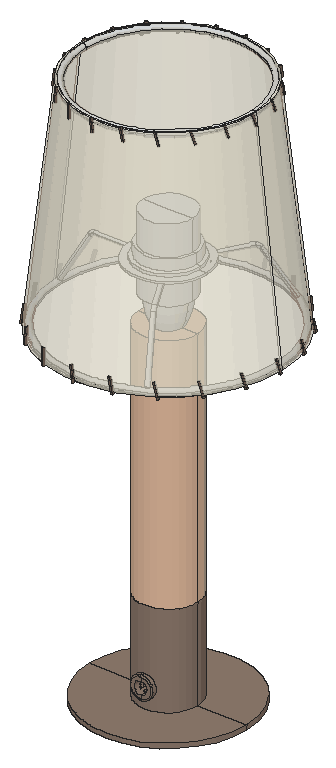
Revit family "Indoor_Table Lamp_Santa&Cole_Básica Mínima", category Luminarias, Revit 2018
Family settings
  Cota de conector redondo = Diámetro de uso
  Tipo de pieza = Normal
  Número OmniClass = 23.80.70.00
  Título OmniClass = Lighting
  Se basa en plano de trabajo = No
  Siempre vertical = Sí
  Corte con vacíos al cargar = No
  Origen de luz = Sí
  Compartido = No
  Punto de cálculo de habitación = No
Parameters (values of type "Beige Parchment lampshade and bronze base")
  Visibility_Beige Parchment = yes
  Wattage = 6 W
  Technical Information = "https://www.santacole.com/recursos/productos/downloads/pdf_espec_tecnicas/SC_BasicaMinima_data%20sheet.pdf"
  built-in parameter 1150110 = 1 (stored number, unit not read)
  URL = "https://www.santacole.com/en/catalogue/table-lamps/basica-minima"
  Manufacturer website = "http://www.santacole.com"
  built-in parameter 1114217 = 1 (stored number, unit not read)
  built-in parameter 1150109 = 1 (stored number, unit not read)
  Energy Label = "https://www.santacole.com/recursos/productos/downloads/pdf_energy_label/Energy%20Label_BASICA_MINIMA_without_bulb.pdf"
  Designed by = "Santiago Roqueta, Santa & Cole Team. 1994"
  Contact phone = "+34.938.619.100"
  Contact e-mail = "info@santacole.com"
  built-in parameter 1150134 = (empty or 0)
  built-in parameter 1150113 = 1 (stored number, unit not read)
  Modelo = "Básica Mínima"
  Fabricante = "Santa & Cole"
  Lumens = 891.252 lm
  built-in parameter 1150115 = 1 (stored number, unit not read)
  built-in parameter 1150105 = 70.924 (stored number, unit not read)
  Load = 6 W
  Tamaño de símbolo de origen de luz = 50 mm
  built-in parameter 1150137 = (empty or 0)
  built-in parameter 1150139 = (empty or 0)
  built-in parameter 1150112 = 1 (stored number, unit not read)
  built-in parameter 1150114 = 1 (stored number, unit not read)
  Lamp = ""
  built-in parameter 1150132 = (empty or 0)
  built-in parameter 1150102 = (empty or 0)
  built-in parameter 1150138 = (empty or 0)
  built-in parameter 1150107 = 2700 (stored number, unit not read)
  built-in parameter 1150106 = 0.70924 (stored number, unit not read)
  built-in parameter 1150104 = 13.8 (stored number, unit not read)
  Code = "BAM01/BAM12"
  Dimming Lamp Color Temperature Shift = (empty or 0)
  Color Filter = 16777215
  built-in parameter 1114218 = 1 (stored number, unit not read)
  Base Material = Santa & Cole - Bronze
  Assembly instructions - UL = "https://www.santacole.com/recursos/productos/downloads/pdf_montaje/BasicaMinima_im_UL.pdf"
  Assembly instructions - CE = "https://www.santacole.com/recursos/productos/downloads/pdf_montaje/basica_minima_im.pdf"
  built-in parameter 1150133 = 10 (stored number, unit not read)
  Apparent Load = 6 VA
Types (2, lengths in mm): name | Visibility_Beige Parchment | Base Material
  Beige Parchment lampshade and bronze base | yes | Santa & Cole - Bronze
  Natural ribbon lampshade and nickel base | no | Santa & Cole - Nickel
Reference planes
  plane 1 "Light Source Axis (F/B)": y = 0
  plane 2: z = 0
  plane 3 "Light Source Axis (L/R)": x = 0
  plane 4 "Light Source Elevation": z = 250
  plane 5: through (-85.313, 126.733, 1200) normal (-0.5584, 0.8296, 0)
  plane 6: through (85.313, -126.733, 1200) normal (0.5584, -0.8296, 0)
  plane 7 "cosido": z = 292.55
Forms (mm)
  Revolve 1, solid, material "Santa & Cole - Birch Wood"
    sketch origin (0, 0, 0) x (1, 0, 0) y (0, 0, 1)
      loop
        line (-16, 182.5) -> (-16, 52.5) -> (0, 52.5) -> (0, 182.5) -> (-16, 182.5)
      axis (0, 52.5) -> (0, 182.5)
    angle from 0 to 360
  Revolve 2, solid
    sketch origin (0, 0, 0) x (1, 0, 0) y (0, 0, 1)
      loop
        line (-17, 211.5) -> (-13.3, 211.5) -> (-13.3, 197.5) -> (-10.9, 196.5)
        arc (-10.9, 196.5) -> (-10.174, 189.279) -> (-7.585, 182.5) r 27.51
        line (-7.585, 182.5) -> (0, 182.5) -> (0, 237.5) -> (-13.4, 237.5) -> (-13.4, 221.505) -> (-15.25, 221.505) -> (-15.25, 216.005) -> (-17, 215.3) -> (-17, 214) -> (-21, 214) -> (-21, 213) -> (-18, 213)
        arc (-18, 213) -> (-17.901, 211.982) -> (-17, 211.5) r 1.083
      axis (0, 182.5) -> (0, 237.5)
    angle from 0 to 360
  Revolve 3, solid
    sketch origin (0, 0, 0) x (1, 0, 0) y (0, 0, 1)
      loop
        circle (-59.1, 181.989) r 1.5
      loop
        circle (-45.95, 299.489) r 1.5
      axis (0, 181.989) -> (0, 299.489)
    angle from 0 to 360
  Sweep 4, solid
    path origin (0, 0, 0) x (1, 0, 0) y (0, 0, 1)
      loop
        line (-19.681, 210.982) -> (-39.401, 210.982)
        arc (-39.401, 210.982) -> (-40.249, 210.761) -> (-40.882, 210.156) r 1.74
        line (-40.882, 210.156) -> (-57.702, 182.889)
    profile origin (-49.292, 0, 196.522) x (0.851097, 0, -0.525009) y (0, -1, 0)
      loop
        circle (-1, 0) r 1
  Sweep 5, solid
    path origin (0, 0, 0) x (-0.5, 0.866025, 0) y (0, 0, 1)
      loop
        line (-19.681, 210.982) -> (-39.401, 210.982)
        arc (-39.401, 210.982) -> (-40.249, 210.761) -> (-40.882, 210.156) r 1.74
        line (-40.882, 210.156) -> (-57.702, 182.889)
    profile origin (24.646, -42.688, 196.522) x (-0.425548, 0.737072, -0.525009) y (0.866025, 0.5, 0)
      loop
        circle (-1, 0) r 1
  Sweep 6, solid
    path origin (0, 0, 0) x (-0.5, -0.866025, 0) y (0, 0, 1)
      loop
        line (-19.681, 210.982) -> (-39.401, 210.982)
        arc (-39.401, 210.982) -> (-40.249, 210.761) -> (-40.882, 210.156) r 1.74
        line (-40.882, 210.156) -> (-57.702, 182.889)
    profile origin (24.646, 42.688, 196.522) x (-0.425548, -0.737072, -0.525009) y (-0.866025, 0.5, 0)
      loop
        circle (-1, 0) r 1
  Revolve 7, solid, material "Santa & Cole - Beige Cardboard"
    sketch origin (0, 0, 0) x (1, 0, 0) y (0, 0, 1)
      loop
        line (-48, 300.989) -> (-61.75, 180.489) -> (-60.75, 180.489) -> (-47, 300.989) -> (-48, 300.989)
      axis (0, 180.489) -> (0, 300.989)
    angle from 0 to 360
  Blend 8, solid, material "Santa & Cole - Leather", visible <- "Visibility_Beige Parchment"
    base sketch origin (0, 0, 292.55) x (-0.999048, 0.043619, 0) y (-0.043619, -0.999048, 0)
      loop
        line (-49.485, 0) -> (-49.485, -0.9) -> (-48.561, -0.9) -> (-48.561, 0) -> (-49.485, 0)
    top sketch origin (0, 0, 292.55) x (-0.999048, 0.043619, 0) y (-0.043619, -0.999048, 0)
      loop
        line (-47.638, 0.875) -> (-47.638, 1.775) -> (-48.561, 1.775) -> (-48.561, 0.875) -> (-47.638, 0.875)
    from 2.683 to 8.942
  Blend 9, solid, material "Santa & Cole - Leather", visible <- "Visibility_Beige Parchment"
    base sketch origin (13.113, 0, 292.55) x (-0.999048, 0.043619, 0) y (-0.043619, -0.999048, 0)
      loop
        line (-49.485, 0) -> (-49.485, -0.9) -> (-48.561, -0.9) -> (-48.561, 0) -> (-49.485, 0)
    top sketch origin (13.113, 0, 292.55) x (-0.999048, 0.043619, 0) y (-0.043619, -0.999048, 0)
      loop
        line (-47.638, 0.875) -> (-47.638, 1.775) -> (-48.561, 1.775) -> (-48.561, 0.875) -> (-47.638, 0.875)
    from -112.484 to -105.022
  Blend 10, solid, material "Santa & Cole - Leather", visible <- "Visibility_Beige Parchment"
    base sketch origin (0, 0, 292.55) x (-0.936672, 0.350207, 0) y (-0.350207, -0.936672, 0)
      loop
        line (-49.485, 0) -> (-49.485, -0.9) -> (-48.561, -0.9) -> (-48.561, 0) -> (-49.485, 0)
    top sketch origin (0, 0, 292.55) x (-0.936672, 0.350207, 0) y (-0.350207, -0.936672, 0)
      loop
        line (-47.638, 0.875) -> (-47.638, 1.775) -> (-48.561, 1.775) -> (-48.561, 0.875) -> (-47.638, 0.875)
    from 2.683 to 8.942
  Blend 11, solid, material "Santa & Cole - Leather", visible <- "Visibility_Beige Parchment"
    base sketch origin (0, 0, 292.55) x (-0.96363, -0.267238, 0) y (0.267238, -0.96363, 0)
      loop
        line (-49.485, 0) -> (-49.485, -0.9) -> (-48.561, -0.9) -> (-48.561, 0) -> (-49.485, 0)
    top sketch origin (0, 0, 292.55) x (-0.96363, -0.267238, 0) y (0.267238, -0.96363, 0)
      loop
        line (-47.638, 0.875) -> (-47.638, 1.775) -> (-48.561, 1.775) -> (-48.561, 0.875) -> (-47.638, 0.875)
    from 2.683 to 8.942
  Blend 12, solid, material "Santa & Cole - Leather", visible <- "Visibility_Beige Parchment"
    base sketch origin (0, 0, 292.55) x (-0.833886, -0.551937, 0) y (0.551937, -0.833886, 0)
      loop
        line (-49.485, 0) -> (-49.485, -0.9) -> (-48.561, -0.9) -> (-48.561, 0) -> (-49.485, 0)
    top sketch origin (0, 0, 292.55) x (-0.833886, -0.551937, 0) y (0.551937, -0.833886, 0)
      loop
        line (-47.638, 0.875) -> (-47.638, 1.775) -> (-48.561, 1.775) -> (-48.561, 0.875) -> (-47.638, 0.875)
    from 2.683 to 8.942
  Blend 13, solid, material "Santa & Cole - Leather", visible <- "Visibility_Beige Parchment"
    base sketch origin (0, 0, 292.55) x (-0.622515, -0.782608, 0) y (0.782608, -0.622515, 0)
      loop
        line (-49.485, 0) -> (-49.485, -0.9) -> (-48.561, -0.9) -> (-48.561, 0) -> (-49.485, 0)
    top sketch origin (0, 0, 292.55) x (-0.622515, -0.782608, 0) y (0.782608, -0.622515, 0)
      loop
        line (-47.638, 0.875) -> (-47.638, 1.775) -> (-48.561, 1.775) -> (-48.561, 0.875) -> (-47.638, 0.875)
    from 2.683 to 8.942
  Blend 14, solid, material "Santa & Cole - Leather", visible <- "Visibility_Beige Parchment"
    base sketch origin (0, 0, 292.55) x (-0.350207, -0.936672, 0) y (0.936672, -0.350207, 0)
      loop
        line (-49.485, 0) -> (-49.485, -0.9) -> (-48.561, -0.9) -> (-48.561, 0) -> (-49.485, 0)
    top sketch origin (0, 0, 292.55) x (-0.350207, -0.936672, 0) y (0.936672, -0.350207, 0)
      loop
        line (-47.638, 0.875) -> (-47.638, 1.775) -> (-48.561, 1.775) -> (-48.561, 0.875) -> (-47.638, 0.875)
    from 2.683 to 8.942
  Blend 15, solid, material "Santa & Cole - Leather", visible <- "Visibility_Beige Parchment"
    base sketch origin (0, 0, 292.55) x (-0.043619, -0.999048, 0) y (0.999048, -0.043619, 0)
      loop
        line (-49.485, 0) -> (-49.485, -0.9) -> (-48.561, -0.9) -> (-48.561, 0) -> (-49.485, 0)
    top sketch origin (0, 0, 292.55) x (-0.043619, -0.999048, 0) y (0.999048, -0.043619, 0)
      loop
        line (-47.638, 0.875) -> (-47.638, 1.775) -> (-48.561, 1.775) -> (-48.561, 0.875) -> (-47.638, 0.875)
    from 2.683 to 8.942
  Blend 16, solid, material "Santa & Cole - Leather", visible <- "Visibility_Beige Parchment"
    base sketch origin (0, 0, 292.55) x (0.267238, -0.96363, 0) y (0.96363, 0.267238, 0)
      loop
        line (-49.485, 0) -> (-49.485, -0.9) -> (-48.561, -0.9) -> (-48.561, 0) -> (-49.485, 0)
    top sketch origin (0, 0, 292.55) x (0.267238, -0.96363, 0) y (0.96363, 0.267238, 0)
      loop
        line (-47.638, 0.875) -> (-47.638, 1.775) -> (-48.561, 1.775) -> (-48.561, 0.875) -> (-47.638, 0.875)
    from 2.683 to 8.942
  Blend 17, solid, material "Santa & Cole - Leather", visible <- "Visibility_Beige Parchment"
    base sketch origin (0, 0, 292.55) x (0.551937, -0.833886, 0) y (0.833886, 0.551937, 0)
      loop
        line (-49.485, 0) -> (-49.485, -0.9) -> (-48.561, -0.9) -> (-48.561, 0) -> (-49.485, 0)
    top sketch origin (0, 0, 292.55) x (0.551937, -0.833886, 0) y (0.833886, 0.551937, 0)
      loop
        line (-47.638, 0.875) -> (-47.638, 1.775) -> (-48.561, 1.775) -> (-48.561, 0.875) -> (-47.638, 0.875)
    from 2.683 to 8.942
  Blend 18, solid, material "Santa & Cole - Leather", visible <- "Visibility_Beige Parchment"
    base sketch origin (0, 0, 292.55) x (0.782608, -0.622515, 0) y (0.622515, 0.782608, 0)
      loop
        line (-49.485, 0) -> (-49.485, -0.9) -> (-48.561, -0.9) -> (-48.561, 0) -> (-49.485, 0)
    top sketch origin (0, 0, 292.55) x (0.782608, -0.622515, 0) y (0.622515, 0.782608, 0)
      loop
        line (-47.638, 0.875) -> (-47.638, 1.775) -> (-48.561, 1.775) -> (-48.561, 0.875) -> (-47.638, 0.875)
    from 2.683 to 8.942
  Blend 19, solid, material "Santa & Cole - Leather", visible <- "Visibility_Beige Parchment"
    base sketch origin (0, 0, 292.55) x (0.936672, -0.350207, 0) y (0.350207, 0.936672, 0)
      loop
        line (-49.485, 0) -> (-49.485, -0.9) -> (-48.561, -0.9) -> (-48.561, 0) -> (-49.485, 0)
    top sketch origin (0, 0, 292.55) x (0.936672, -0.350207, 0) y (0.350207, 0.936672, 0)
      loop
        line (-47.638, 0.875) -> (-47.638, 1.775) -> (-48.561, 1.775) -> (-48.561, 0.875) -> (-47.638, 0.875)
    from 2.683 to 8.942
  Blend 20, solid, material "Santa & Cole - Leather", visible <- "Visibility_Beige Parchment"
    base sketch origin (0, 0, 292.55) x (0.999048, -0.043619, 0) y (0.043619, 0.999048, 0)
      loop
        line (-49.485, 0) -> (-49.485, -0.9) -> (-48.561, -0.9) -> (-48.561, 0) -> (-49.485, 0)
    top sketch origin (0, 0, 292.55) x (0.999048, -0.043619, 0) y (0.043619, 0.999048, 0)
      loop
        line (-47.638, 0.875) -> (-47.638, 1.775) -> (-48.561, 1.775) -> (-48.561, 0.875) -> (-47.638, 0.875)
    from 2.683 to 8.942
  Blend 21, solid, material "Santa & Cole - Leather", visible <- "Visibility_Beige Parchment"
    base sketch origin (0, 0, 292.55) x (0.96363, 0.267238, 0) y (-0.267238, 0.96363, 0)
      loop
        line (-49.485, 0) -> (-49.485, -0.9) -> (-48.561, -0.9) -> (-48.561, 0) -> (-49.485, 0)
    top sketch origin (0, 0, 292.55) x (0.96363, 0.267238, 0) y (-0.267238, 0.96363, 0)
      loop
        line (-47.638, 0.875) -> (-47.638, 1.775) -> (-48.561, 1.775) -> (-48.561, 0.875) -> (-47.638, 0.875)
    from 2.683 to 8.942
  Blend 22, solid, material "Santa & Cole - Leather", visible <- "Visibility_Beige Parchment"
    base sketch origin (0, 0, 292.55) x (0.833886, 0.551937, 0) y (-0.551937, 0.833886, 0)
      loop
        line (-49.485, 0) -> (-49.485, -0.9) -> (-48.561, -0.9) -> (-48.561, 0) -> (-49.485, 0)
    top sketch origin (0, 0, 292.55) x (0.833886, 0.551937, 0) y (-0.551937, 0.833886, 0)
      loop
        line (-47.638, 0.875) -> (-47.638, 1.775) -> (-48.561, 1.775) -> (-48.561, 0.875) -> (-47.638, 0.875)
    from 2.683 to 8.942
  Blend 23, solid, material "Santa & Cole - Leather", visible <- "Visibility_Beige Parchment"
    base sketch origin (0, 0, 292.55) x (0.622515, 0.782608, 0) y (-0.782608, 0.622515, 0)
      loop
        line (-49.485, 0) -> (-49.485, -0.9) -> (-48.561, -0.9) -> (-48.561, 0) -> (-49.485, 0)
    top sketch origin (0, 0, 292.55) x (0.622515, 0.782608, 0) y (-0.782608, 0.622515, 0)
      loop
        line (-47.638, 0.875) -> (-47.638, 1.775) -> (-48.561, 1.775) -> (-48.561, 0.875) -> (-47.638, 0.875)
    from 2.683 to 8.942
  Blend 24, solid, material "Santa & Cole - Leather", visible <- "Visibility_Beige Parchment"
    base sketch origin (0, 0, 292.55) x (0.350207, 0.936672, 0) y (-0.936672, 0.350207, 0)
      loop
        line (-49.485, 0) -> (-49.485, -0.9) -> (-48.561, -0.9) -> (-48.561, 0) -> (-49.485, 0)
    top sketch origin (0, 0, 292.55) x (0.350207, 0.936672, 0) y (-0.936672, 0.350207, 0)
      loop
        line (-47.638, 0.875) -> (-47.638, 1.775) -> (-48.561, 1.775) -> (-48.561, 0.875) -> (-47.638, 0.875)
    from 2.683 to 8.942
  Blend 25, solid, material "Santa & Cole - Leather", visible <- "Visibility_Beige Parchment"
    base sketch origin (0, 0, 292.55) x (0.043619, 0.999048, 0) y (-0.999048, 0.043619, 0)
      loop
        line (-49.485, 0) -> (-49.485, -0.9) -> (-48.561, -0.9) -> (-48.561, 0) -> (-49.485, 0)
    top sketch origin (0, 0, 292.55) x (0.043619, 0.999048, 0) y (-0.999048, 0.043619, 0)
      loop
        line (-47.638, 0.875) -> (-47.638, 1.775) -> (-48.561, 1.775) -> (-48.561, 0.875) -> (-47.638, 0.875)
    from 2.683 to 8.942
  Blend 26, solid, material "Santa & Cole - Leather", visible <- "Visibility_Beige Parchment"
    base sketch origin (0, 0, 292.55) x (-0.267238, 0.96363, 0) y (-0.96363, -0.267238, 0)
      loop
        line (-49.485, 0) -> (-49.485, -0.9) -> (-48.561, -0.9) -> (-48.561, 0) -> (-49.485, 0)
    top sketch origin (0, 0, 292.55) x (-0.267238, 0.96363, 0) y (-0.96363, -0.267238, 0)
      loop
        line (-47.638, 0.875) -> (-47.638, 1.775) -> (-48.561, 1.775) -> (-48.561, 0.875) -> (-47.638, 0.875)
    from 2.683 to 8.942
  Blend 27, solid, material "Santa & Cole - Leather", visible <- "Visibility_Beige Parchment"
    base sketch origin (0, 0, 292.55) x (-0.551937, 0.833886, 0) y (-0.833886, -0.551937, 0)
      loop
        line (-49.485, 0) -> (-49.485, -0.9) -> (-48.561, -0.9) -> (-48.561, 0) -> (-49.485, 0)
    top sketch origin (0, 0, 292.55) x (-0.551937, 0.833886, 0) y (-0.833886, -0.551937, 0)
      loop
        line (-47.638, 0.875) -> (-47.638, 1.775) -> (-48.561, 1.775) -> (-48.561, 0.875) -> (-47.638, 0.875)
    from 2.683 to 8.942
  Blend 28, solid, material "Santa & Cole - Leather", visible <- "Visibility_Beige Parchment"
    base sketch origin (0, 0, 292.55) x (-0.782608, 0.622515, 0) y (-0.622515, -0.782608, 0)
      loop
        line (-49.485, 0) -> (-49.485, -0.9) -> (-48.561, -0.9) -> (-48.561, 0) -> (-49.485, 0)
    top sketch origin (0, 0, 292.55) x (-0.782608, 0.622515, 0) y (-0.622515, -0.782608, 0)
      loop
        line (-47.638, 0.875) -> (-47.638, 1.775) -> (-48.561, 1.775) -> (-48.561, 0.875) -> (-47.638, 0.875)
    from 2.683 to 8.942
  Blend 29, solid, material "Santa & Cole - Leather", visible <- "Visibility_Beige Parchment"
    base sketch origin (12.471, -4.052, 292.55) x (-0.936672, 0.350207, 0) y (-0.350207, -0.936672, 0)
      loop
        line (-49.485, 0) -> (-49.485, -0.9) -> (-48.561, -0.9) -> (-48.561, 0) -> (-49.485, 0)
    top sketch origin (12.471, -4.052, 292.55) x (-0.936672, 0.350207, 0) y (-0.350207, -0.936672, 0)
      loop
        line (-47.638, 0.875) -> (-47.638, 1.775) -> (-48.561, 1.775) -> (-48.561, 0.875) -> (-47.638, 0.875)
    from -112.484 to -105.022
  Blend 30, solid, material "Santa & Cole - Leather", visible <- "Visibility_Beige Parchment"
    base sketch origin (12.471, 4.052, 292.55) x (-0.96363, -0.267238, 0) y (0.267238, -0.96363, 0)
      loop
        line (-49.485, 0) -> (-49.485, -0.9) -> (-48.561, -0.9) -> (-48.561, 0) -> (-49.485, 0)
    top sketch origin (12.471, 4.052, 292.55) x (-0.96363, -0.267238, 0) y (0.267238, -0.96363, 0)
      loop
        line (-47.638, 0.875) -> (-47.638, 1.775) -> (-48.561, 1.775) -> (-48.561, 0.875) -> (-47.638, 0.875)
    from -112.484 to -105.022
  Blend 31, solid, material "Santa & Cole - Leather", visible <- "Visibility_Beige Parchment"
    base sketch origin (10.609, 7.708, 292.55) x (-0.833886, -0.551937, 0) y (0.551937, -0.833886, 0)
      loop
        line (-49.485, 0) -> (-49.485, -0.9) -> (-48.561, -0.9) -> (-48.561, 0) -> (-49.485, 0)
    top sketch origin (10.609, 7.708, 292.55) x (-0.833886, -0.551937, 0) y (0.551937, -0.833886, 0)
      loop
        line (-47.638, 0.875) -> (-47.638, 1.775) -> (-48.561, 1.775) -> (-48.561, 0.875) -> (-47.638, 0.875)
    from -112.484 to -105.022
  Blend 32, solid, material "Santa & Cole - Leather", visible <- "Visibility_Beige Parchment"
    base sketch origin (7.708, 10.609, 292.55) x (-0.622515, -0.782608, 0) y (0.782608, -0.622515, 0)
      loop
        line (-49.485, 0) -> (-49.485, -0.9) -> (-48.561, -0.9) -> (-48.561, 0) -> (-49.485, 0)
    top sketch origin (7.708, 10.609, 292.55) x (-0.622515, -0.782608, 0) y (0.782608, -0.622515, 0)
      loop
        line (-47.638, 0.875) -> (-47.638, 1.775) -> (-48.561, 1.775) -> (-48.561, 0.875) -> (-47.638, 0.875)
    from -112.484 to -105.022
  Blend 33, solid, material "Santa & Cole - Leather", visible <- "Visibility_Beige Parchment"
    base sketch origin (4.052, 12.471, 292.55) x (-0.350207, -0.936672, 0) y (0.936672, -0.350207, 0)
      loop
        line (-49.485, 0) -> (-49.485, -0.9) -> (-48.561, -0.9) -> (-48.561, 0) -> (-49.485, 0)
    top sketch origin (4.052, 12.471, 292.55) x (-0.350207, -0.936672, 0) y (0.936672, -0.350207, 0)
      loop
        line (-47.638, 0.875) -> (-47.638, 1.775) -> (-48.561, 1.775) -> (-48.561, 0.875) -> (-47.638, 0.875)
    from -112.484 to -105.022
  Blend 34, solid, material "Santa & Cole - Leather", visible <- "Visibility_Beige Parchment"
    base sketch origin (0, 13.113, 292.55) x (-0.043619, -0.999048, 0) y (0.999048, -0.043619, 0)
      loop
        line (-49.485, 0) -> (-49.485, -0.9) -> (-48.561, -0.9) -> (-48.561, 0) -> (-49.485, 0)
    top sketch origin (0, 13.113, 292.55) x (-0.043619, -0.999048, 0) y (0.999048, -0.043619, 0)
      loop
        line (-47.638, 0.875) -> (-47.638, 1.775) -> (-48.561, 1.775) -> (-48.561, 0.875) -> (-47.638, 0.875)
    from -112.484 to -105.022
  Blend 35, solid, material "Santa & Cole - Leather", visible <- "Visibility_Beige Parchment"
    base sketch origin (-4.052, 12.471, 292.55) x (0.267238, -0.96363, 0) y (0.96363, 0.267238, 0)
      loop
        line (-49.485, 0) -> (-49.485, -0.9) -> (-48.561, -0.9) -> (-48.561, 0) -> (-49.485, 0)
    top sketch origin (-4.052, 12.471, 292.55) x (0.267238, -0.96363, 0) y (0.96363, 0.267238, 0)
      loop
        line (-47.638, 0.875) -> (-47.638, 1.775) -> (-48.561, 1.775) -> (-48.561, 0.875) -> (-47.638, 0.875)
    from -112.484 to -105.022
  Blend 36, solid, material "Santa & Cole - Leather", visible <- "Visibility_Beige Parchment"
    base sketch origin (-7.708, 10.609, 292.55) x (0.551937, -0.833886, 0) y (0.833886, 0.551937, 0)
      loop
        line (-49.485, 0) -> (-49.485, -0.9) -> (-48.561, -0.9) -> (-48.561, 0) -> (-49.485, 0)
    top sketch origin (-7.708, 10.609, 292.55) x (0.551937, -0.833886, 0) y (0.833886, 0.551937, 0)
      loop
        line (-47.638, 0.875) -> (-47.638, 1.775) -> (-48.561, 1.775) -> (-48.561, 0.875) -> (-47.638, 0.875)
    from -112.484 to -105.022
  Blend 37, solid, material "Santa & Cole - Leather", visible <- "Visibility_Beige Parchment"
    base sketch origin (-10.609, 7.708, 292.55) x (0.782608, -0.622515, 0) y (0.622515, 0.782608, 0)
      loop
        line (-49.485, 0) -> (-49.485, -0.9) -> (-48.561, -0.9) -> (-48.561, 0) -> (-49.485, 0)
    top sketch origin (-10.609, 7.708, 292.55) x (0.782608, -0.622515, 0) y (0.622515, 0.782608, 0)
      loop
        line (-47.638, 0.875) -> (-47.638, 1.775) -> (-48.561, 1.775) -> (-48.561, 0.875) -> (-47.638, 0.875)
    from -112.484 to -105.022
  Blend 38, solid, material "Santa & Cole - Leather", visible <- "Visibility_Beige Parchment"
    base sketch origin (-12.471, 4.052, 292.55) x (0.936672, -0.350207, 0) y (0.350207, 0.936672, 0)
      loop
        line (-49.485, 0) -> (-49.485, -0.9) -> (-48.561, -0.9) -> (-48.561, 0) -> (-49.485, 0)
    top sketch origin (-12.471, 4.052, 292.55) x (0.936672, -0.350207, 0) y (0.350207, 0.936672, 0)
      loop
        line (-47.638, 0.875) -> (-47.638, 1.775) -> (-48.561, 1.775) -> (-48.561, 0.875) -> (-47.638, 0.875)
    from -112.484 to -105.022
  Blend 39, solid, material "Santa & Cole - Leather", visible <- "Visibility_Beige Parchment"
    base sketch origin (-13.113, 0, 292.55) x (0.999048, -0.043619, 0) y (0.043619, 0.999048, 0)
      loop
        line (-49.485, 0) -> (-49.485, -0.9) -> (-48.561, -0.9) -> (-48.561, 0) -> (-49.485, 0)
    top sketch origin (-13.113, 0, 292.55) x (0.999048, -0.043619, 0) y (0.043619, 0.999048, 0)
      loop
        line (-47.638, 0.875) -> (-47.638, 1.775) -> (-48.561, 1.775) -> (-48.561, 0.875) -> (-47.638, 0.875)
    from -112.484 to -105.022
  Blend 40, solid, material "Santa & Cole - Leather", visible <- "Visibility_Beige Parchment"
    base sketch origin (-12.471, -4.052, 292.55) x (0.96363, 0.267238, 0) y (-0.267238, 0.96363, 0)
      loop
        line (-49.485, 0) -> (-49.485, -0.9) -> (-48.561, -0.9) -> (-48.561, 0) -> (-49.485, 0)
    top sketch origin (-12.471, -4.052, 292.55) x (0.96363, 0.267238, 0) y (-0.267238, 0.96363, 0)
      loop
        line (-47.638, 0.875) -> (-47.638, 1.775) -> (-48.561, 1.775) -> (-48.561, 0.875) -> (-47.638, 0.875)
    from -112.484 to -105.022
  Blend 41, solid, material "Santa & Cole - Leather", visible <- "Visibility_Beige Parchment"
    base sketch origin (-10.609, -7.708, 292.55) x (0.833886, 0.551937, 0) y (-0.551937, 0.833886, 0)
      loop
        line (-49.485, 0) -> (-49.485, -0.9) -> (-48.561, -0.9) -> (-48.561, 0) -> (-49.485, 0)
    top sketch origin (-10.609, -7.708, 292.55) x (0.833886, 0.551937, 0) y (-0.551937, 0.833886, 0)
      loop
        line (-47.638, 0.875) -> (-47.638, 1.775) -> (-48.561, 1.775) -> (-48.561, 0.875) -> (-47.638, 0.875)
    from -112.484 to -105.022
  Blend 42, solid, material "Santa & Cole - Leather", visible <- "Visibility_Beige Parchment"
    base sketch origin (-7.708, -10.609, 292.55) x (0.622515, 0.782608, 0) y (-0.782608, 0.622515, 0)
      loop
        line (-49.485, 0) -> (-49.485, -0.9) -> (-48.561, -0.9) -> (-48.561, 0) -> (-49.485, 0)
    top sketch origin (-7.708, -10.609, 292.55) x (0.622515, 0.782608, 0) y (-0.782608, 0.622515, 0)
      loop
        line (-47.638, 0.875) -> (-47.638, 1.775) -> (-48.561, 1.775) -> (-48.561, 0.875) -> (-47.638, 0.875)
    from -112.484 to -105.022
  Blend 43, solid, material "Santa & Cole - Leather", visible <- "Visibility_Beige Parchment"
    base sketch origin (-4.052, -12.471, 292.55) x (0.350207, 0.936672, 0) y (-0.936672, 0.350207, 0)
      loop
        line (-49.485, 0) -> (-49.485, -0.9) -> (-48.561, -0.9) -> (-48.561, 0) -> (-49.485, 0)
    top sketch origin (-4.052, -12.471, 292.55) x (0.350207, 0.936672, 0) y (-0.936672, 0.350207, 0)
      loop
        line (-47.638, 0.875) -> (-47.638, 1.775) -> (-48.561, 1.775) -> (-48.561, 0.875) -> (-47.638, 0.875)
    from -112.484 to -105.022
  Blend 44, solid, material "Santa & Cole - Leather", visible <- "Visibility_Beige Parchment"
    base sketch origin (0, -13.113, 292.55) x (0.043619, 0.999048, 0) y (-0.999048, 0.043619, 0)
      loop
        line (-49.485, 0) -> (-49.485, -0.9) -> (-48.561, -0.9) -> (-48.561, 0) -> (-49.485, 0)
    top sketch origin (0, -13.113, 292.55) x (0.043619, 0.999048, 0) y (-0.999048, 0.043619, 0)
      loop
        line (-47.638, 0.875) -> (-47.638, 1.775) -> (-48.561, 1.775) -> (-48.561, 0.875) -> (-47.638, 0.875)
    from -112.484 to -105.022
  Blend 45, solid, material "Santa & Cole - Leather", visible <- "Visibility_Beige Parchment"
    base sketch origin (4.052, -12.471, 292.55) x (-0.267238, 0.96363, 0) y (-0.96363, -0.267238, 0)
      loop
        line (-49.485, 0) -> (-49.485, -0.9) -> (-48.561, -0.9) -> (-48.561, 0) -> (-49.485, 0)
    top sketch origin (4.052, -12.471, 292.55) x (-0.267238, 0.96363, 0) y (-0.96363, -0.267238, 0)
      loop
        line (-47.638, 0.875) -> (-47.638, 1.775) -> (-48.561, 1.775) -> (-48.561, 0.875) -> (-47.638, 0.875)
    from -112.484 to -105.022
  Blend 46, solid, material "Santa & Cole - Leather", visible <- "Visibility_Beige Parchment"
    base sketch origin (7.708, -10.609, 292.55) x (-0.551937, 0.833886, 0) y (-0.833886, -0.551937, 0)
      loop
        line (-49.485, 0) -> (-49.485, -0.9) -> (-48.561, -0.9) -> (-48.561, 0) -> (-49.485, 0)
    top sketch origin (7.708, -10.609, 292.55) x (-0.551937, 0.833886, 0) y (-0.833886, -0.551937, 0)
      loop
        line (-47.638, 0.875) -> (-47.638, 1.775) -> (-48.561, 1.775) -> (-48.561, 0.875) -> (-47.638, 0.875)
    from -112.484 to -105.022
  Blend 47, solid, material "Santa & Cole - Leather", visible <- "Visibility_Beige Parchment"
    base sketch origin (10.609, -7.708, 292.55) x (-0.782608, 0.622515, 0) y (-0.622515, -0.782608, 0)
      loop
        line (-49.485, 0) -> (-49.485, -0.9) -> (-48.561, -0.9) -> (-48.561, 0) -> (-49.485, 0)
    top sketch origin (10.609, -7.708, 292.55) x (-0.782608, 0.622515, 0) y (-0.622515, -0.782608, 0)
      loop
        line (-47.638, 0.875) -> (-47.638, 1.775) -> (-48.561, 1.775) -> (-48.561, 0.875) -> (-47.638, 0.875)
    from -112.484 to -105.022
  Revolve 48, solid, material "Santa & Cole - Bronze" <- "Base Material"
    sketch origin (0, 0, 0) x (1, 0, 0) y (0, 0, 1)
      loop
        line (-16, 2.5) -> (-42.5, 2.5) -> (-42.5, 0) -> (0, 0) -> (0, 52.5) -> (-16, 52.5) -> (-16, 2.5)
      axis (0, 0) -> (0, 52.5)
    angle from 0 to 360
  Revolve 49, solid, material "Santa & Cole - Bronze" <- "Base Material"
    sketch origin (0, 0, 0) x (0, 1, 0) y (0, 0, 1)
      loop
        line (-16, 19.5) -> (-17.976, 19.5)
        arc (-17.976, 19.5) -> (-18.347, 19.347) -> (-18.5, 18.976) r 0.524
        line (-18.5, 18.976) -> (-18.5, 17) -> (-6, 17) -> (-6, 18.25) -> (-16, 18.25) -> (-16, 19.5)
      axis (-6, 13.5) -> (-18.5, 13.5)
    angle from 0 to 360
  Revolve 50, void
    sketch origin (0, 0, 0) x (0, 1, 0) y (0, 0, 1)
      loop
        line (-6, 17) -> (-28.949, 17) -> (-28.949, 13.5) -> (-6, 13.5) -> (-6, 17)
      axis (-6, 13.5) -> (-28.949, 13.5)
    angle from 0 to 360
Cuts and joins
  Revolve 50 cuts Revolve 48
  Revolve 50 cuts Revolve 49
Lines and regions (mm)
  model lines, style "Predeterminado", not visible
    curve 1: line (0, -3.75, 375) -> (0, 3.75, 375)
    curve 2: line (0, 3.75, 375) -> (0, -3.75, 375)
    curve 3: line (0, 15, 86.75) -> (0, -15, 86.75)
    curve 4: line (0, -10, 65) -> (0, -15, 82.176)
    curve 5: line (0, -10, 25) -> (0, -10, 65)
    curve 6: line (0, 6.344, 17.27) -> (0, 10, 25)
    curve 7: line (0, -1.951, 15.192) -> (0, 6.344, 17.27)
    curve 8: line (0, -10, 25) -> (0, -1.951, 15.192)
    curve 9: line (0, 10, 25) -> (0, 10, 65)
    curve 10: line (0, 15, 82.176) -> (0, 10, 65)
    curve 11: line (0, 15, 86.75) -> (0, -15, 86.75)
Dimensions and locks
  aligned and locked: plane 3 "Light Source Axis (L/R)" to imposter light
  aligned and locked: plane 1 "Light Source Axis (F/B)" to imposter light
  aligned and locked: plane 4 "Light Source Elevation" to imposter light
  aligned and locked: level to plane 2
